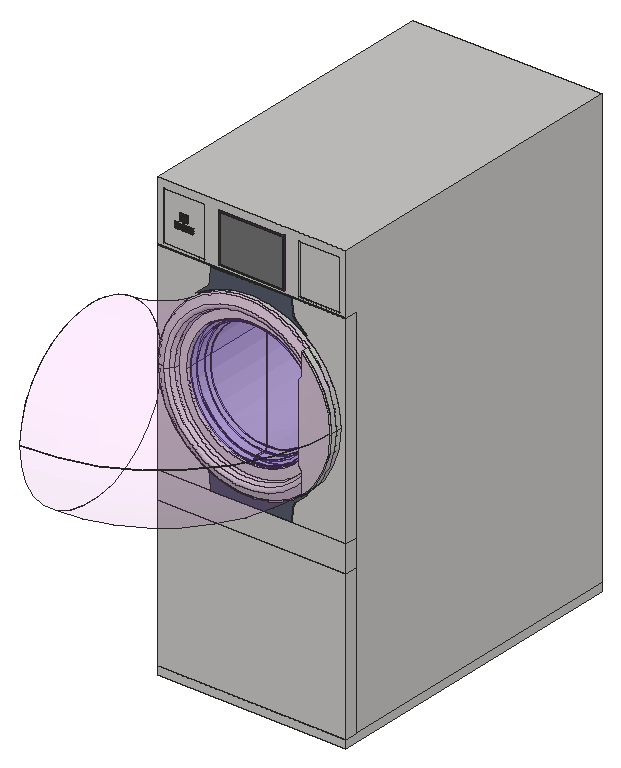
Revit family "QF_ELECTROLUXPROFESSIONAL_1LSNSR_TD6-16_E", category Attrezzature speciali, Revit 2021
Family settings
  Quota connettore circolare = Usa diametro
  Tipo di parte = Normale
  Basato su piano di lavoro = No
  Sempre verticale = Sì
  Taglio con vuoti quando caricato = No
  Condiviso = No
  Punto di calcolo locali = No
Parameters (values of type "9872230024")
  Weight = 189
  Watts = 18800 W
  Volts = 415 V
  URL = "www.electroluxprofessional.com"
  Steam Pounds per Hour = 0
  Show Logo [instance] = yes
  Show Clearance [instance] = yes
  Sensible Heat Output = "0.0"
  Prospetto di default = 0 mm
  Produttore = "Electrolux Professional"
  Phase = 3
  Modello = "TD6-16"
  Length Actual = 715 mm
  Latent Heat Output = "0.0"
  Item Number = "1L0G4G"
  Height Actual = 1690 mm
  Gas KW = 0
  Descrizione = "TUMBLE DRYER TD6-16 16KG/35LB GALVA.DRUM EL 18KW 415/50/3N COMPASS PRO 6G81 SLVR/SLVR DO.RIGHT REV MB DISCON DMPR"
  Depth Actual = 1210 mm
  Cycle = 50 Hz
  Corrente [instance] = "26.5"
Types (27, lengths in mm): name | Watts | Volts | Steam Pounds per Hour | Phase | Item Number | Descrizione | Cycle | Corrente
  (no name) | 18800 W | 415 V | 0 | 3 | "1L0G4G" | "TUMBLE DRYER TD6-16 16KG/35LB GALVA.DRUM EL 18KW 415/50/3N COMPASS PRO 6G81 SLVR/SLVR DO.RIGHT REV MB DISCON DMPR" | 50 Hz | "26.5"
  9872230051 | 18800 W | 480 V | 0 | 3 | "1L0GDH" | "TUMBLE DRYER TD6-16 MARINE 16KG/35LB GALVA.DRUM EL 18KW 480/60/3 COMPASS PRO 6G82 SLVR/SLVR DO.RIGHT REV STOP DISCON..." | 60 Hz | "23.2"
  9872230019 | 18800 W | 440 V | 0 | 3 | "1L0G4B" | "TUMBLE DRYER TD6-16 MARINE 16KG/35LB GALVA.DRUM EL 18KW 440/60/3 COMPASS PRO 6G82 SLVR/SLVR DO.RIGHT REV DISCON DMPR" | 60 Hz | "25.0"
  9872230009 | 18800 W | 400 V | 0 | 3 | "1L0G42" | "TUMBLE DRYER TD6-16 16KG/35LB GALVA.DRUM EL 18KW 400/50/3N COMPASS PRO 6G82 SLVR/SLVR DO.RIGHT REV DISCON DMPR" | 50 Hz | "27.7"
  9872230079 | 14300 W | 415 V | 0 | 3 | "1L0GZ8" | "TUMBLE DRYER TD6-16 16KG/35LB SST DRUM EL 13,5KW 415/50/3N COMPASS PRO 6G82 SLVR/SLVR DO.RIGHT REV STOP DISCON DMPR" | 50 Hz | "20.0"
  9872230046 | 18800 W | 400 V | 0 | 3 | "1LSPDK" | "TUMBLE DRYER TD6-16 16KG/35LB SST DRUM EL 18KW 400/50/3N COMPASS PRO 6G81 SLVR/SLVR DO.RIGHT REV MB STOP DISCON DMPR" | 50 Hz | "27.7"
  9872230003 | 18800 W | 400 V | 0 | 3 | "1L0G36" | "TUMBLE DRYER TD6-16 16KG/35LB GALVA.DRUM EL 18KW 400/50/3N COMPASS PRO 6G82 SLVR/SLVR DO.RIGHT REV STOP DISCON DMPR" | 50 Hz | "27.7"
  9872230033 | 14300 W | 400 V | 0 | 3 | "1L0G4N" | "TUMBLE DRYER TD6-16 16KG/35LB GALVA.DRUM EL 13,5KW 400/50/3N COMPASS PRO 6A81 SLVR/SLVR DO.LEFT REV MB DISCON DMPR" | 50 Hz | "21.1"
  9872230043 | 18800 W | 400 V | 0 | 3 | "1L0GAS" | "TUMBLE DRYER TD6-16 16KG/35LB SST DRUM EL 18KW 400/50/3 COMPASS PRO 6G81 SLVR/SLVR DO.RIGHT REV MB DISCON DMPR" | 50 Hz | "27.7"
  9872230063 | 18800 W | 415 V | 0 | 3 | "1L0GN6" | "TUMBLE DRYER TD6-16 MARINE 16KG/35LB GALVA.DRUM EL 18KW 415/60/3N COMPASS PRO 6G82 SLVR/SLVR DO.LEFT REV STOP DISCON..." | 60 Hz | "26.5"
  9872230020 | 18800 W | 400 V | 0 | 3 | "1L0G4C" | "TUMBLE DRYER TD6-16 16KG/35LB SST DRUM EL 18KW 400/50/3N COMPASS PRO 6L80 2.I/O SLVR/SLVR DO.RIGHT EXT.PM. REV DISCO..." | 50 Hz | "27.7"
  9872230018 | 18800 W | 400 V | 0 | 3 | "1L0G4A" | "TUMBLE DRYER TD6-16 16KG/35LB GALVA.DRUM EL 18KW 400/50/3 COMPASS PRO 6L80 2.I/O SLVR/SLVR DO.RIGHT EXT.PM. REV DISC..." | 50 Hz | "27.7"
  9872230028 | 18800 W | 415 V | 0 | 3 | "1L0G4L" | "TUMBLE DRYER TD6-16 16KG/35LB SST DRUM EL 18KW 415/50/3N COMPASS PRO 6G81 SST/SST DO.RIGHT REV MB STOP DISCON DMPR" | 50 Hz | "26.5"
  9872230058 | 14300 W | 400 V | 0 | 3 | "1LA221" | "TUMBLE DRYER TD6-16 16KG/35LB GALVA.DRUM EL 13,5KW 400/50/3N COMPASS PRO 6G82 SLVR/SLVR DO.RIGHT REV DISCON DMPR" | 50 Hz | "21.1"
  9872230078 | 18800 W | 415 V | 0 | 3 | "1L0GZ7" | "TUMBLE DRYER TD6-16 MARINE 16KG/35LB SST DRUM EL 18KW 415/50/3 COMPASS PRO 6G81 SST/SST DO.RIGHT REV MB STOP DISCON ..." | 50 Hz | "26.5"
  9872230015 | 14300 W | 400 V | 0 | 3 | "1L0G47" | "TUMBLE DRYER TD6-16 16KG/35LB GALVA.DRUM EL 13,5KW 400/50/3N COMPASS PRO 6G81 SLVR/SLVR DO.RIGHT REV MB STOP DISCON ..." | 50 Hz | "21.1"
  9872230005 | 18800 W | 400 V | 0 | 3 | "1L0G38" | "TUMBLE DRYER TD6-16 16KG/35LB SST DRUM EL 18KW 400/50/3 COMPASS PRO 6G82 SLVR/SLVR DO.RIGHT REV DISCON DMPR" | 50 Hz | "27.7"
  9872230092 | 18800 W | 400 V | 0 | 3 | "1L0H5K" | "TUMBLE DRYER TD6-16 16KG/35LB SST DRUM EL 18KW 400/50/3 COMPASS PRO 6G82 SLVR/SLVR DO.RIGHT REV DISCON DMPR" | 50 Hz | "27.7"
  9872230104 | 18800 W | 400 V | 41 | 3 | "1LT6GJ" | "TUMBLE DRYER TD6-16 16KG/35LB SST DRUM EL 18KW 400/50/3N COMPASS PRO 6L85 2.I/O SLVR/SLVR DO.LEFT EXT.PM. REV DISCON..." | 50 Hz | "27.7"
  9872230002 | 18800 W | 400 V | 0 | 3 | "1L0G35" | "TUMBLE DRYER TD6-16 16KG/35LB SST DRUM EL 18KW 400/50/3 COMPASS PRO 6G81 SLVR/SLVR DO.RIGHT REV MB DISCON DMPR" | 50 Hz | "27.7"
  9872230042 | 14300 W | 230 V | 0 | 1 | "1LSP8P" | "TUMBLE DRYER TD6-16 MARINE 16KG/35LB SST DRUM EL 13,5KW 230/60/1 COMPASS PRO 6G82 SLVR/SLVR DO.RIGHT REV DISCON DMPR" | 60 Hz | "62.5"
  9872230017 | 14300 W | 400 V | 0 | 3 | "1L0G49" | "TUMBLE DRYER TD6-16 16KG/35LB GALVA.DRUM EL 13,5KW 400/50/3N COMPASS PRO 6L80 SLVR/SLVR DO.RIGHT REV DISCON DMPR" | 50 Hz | "21.1"
  9872230007 | 18800 W | 400 V | 0 | 3 | "1L0G41" | "TUMBLE DRYER TD6-16 16KG/35LB GALVA.DRUM EL 18KW 400/50/3N COMPASS PRO 6L80 2.I/O SLVR/SLVR DO.RIGHT EXT.PM. REV DIS..." | 50 Hz | "27.7"
  9872230027 | 14300 W | 230 V | 0 | 3 | "1L0G4K" | "TUMBLE DRYER TD6-16 16KG/35LB GALVA.DRUM EL 13,5KW 230/50/3 COMPASS PRO 6G81 SLVR/SLVR DO.RIGHT REV MB STOP DISCON DMPR" | 50 Hz | "36.5"
  9872230067 | 14300 W | 400 V | 0 | 3 | "1LA25A" | "TUMBLE DRYER TD6-16 16KG/35LB GALVA.DRUM EL 13,5KW 400/50/3N COMPASS PRO 6G81 SLVR/SLVR DO.LEFT REV MB STOP DISCON DMPR" | 50 Hz | "21.1"
  9872230014 | 18800 W | 400 V | 0 | 3 | "1L0G46" | "TUMBLE DRYER TD6-16 16KG/35LB GALVA.DRUM EL 18KW 400/50/3N COMPASS PRO 6G81 SLVR/SLVR DO.RIGHT REV MB DISCON DMPR" | 50 Hz | "27.7"
  9872230024 | 18800 W | 415 V | 0 | 3 | "1L0G4G" | "TUMBLE DRYER TD6-16 16KG/35LB GALVA.DRUM EL 18KW 415/50/3N COMPASS PRO 6G81 SLVR/SLVR DO.RIGHT REV MB DISCON DMPR" | 50 Hz | "26.5"
Reference planes
  plane 1: z = 0
  plane 2 "BACK": y = 652.5
  plane 3 "FRONT": y = -707.5
  plane 4 "LEFT": x = -799
  plane 5 "RIGHT": x = -84
  plane 6 "TOP": z = 1690
  plane 7: z = 544
  plane 8: y = 502.5
  plane 9 "Centro (Sinistra/Destra)": x = -441.5
  plane 10 "Center X": y = -102.5
Forms (mm)
  Extrusion 1, solid, material "QF_Finishes_Stainless Steel"
    sketch origin (718.1, -398.1, 598.796) x (0, 0, -1) y (0, 1, 0)
      loop
        line (568.796, 900.6) -> (-860.204, 900.6) -> (-860.204, -265.453) -> (568.796, -265.453) -> (568.796, 900.6)
    from -1517.1 to -802.1
  Sweep 2, solid, material "QF_Finishes_Black"
    path origin (647.309, -705.9, 1603.42) x (0, 0, -1) y (1, 0, 0)
      loop
        line (131.445, -962.809) -> (-57.647, -962.809) -> (-57.647, -1214.809) -> (131.445, -1214.809) -> (131.445, -962.809)
    profile origin (-315.5, -705.9, 1566.521) x (-1, 0, 0) y (0, -1, 0)
      loop
        line (5, 0) -> (5, 5)
        arc (5, 5) -> (1.464, 3.536) -> (0, 0) r 5
        line (0, 0) -> (5, 0)
  Extrusion 3, solid, material "QF_Finishes_Dark Grey"
    sketch origin (647.309, -705.9, 1603.42) x (0, 0, -1) y (1, 0, 0)
      loop
        line (126.445, -1209.809) -> (126.445, -967.809) -> (-52.647, -967.809) -> (-52.647, -1209.809) -> (126.445, -1209.809)
    from 0 to 4
  Extrusion 4, void
    sketch origin (889, -667.06, 1147.91) x (0, 0, -1) y (1, 0, 0)
      loop
        circle (69.994, -1331.5) r 245
    from -451.9 to 89.4
  Extrusion 5, solid, material "QF_Finishes_Stainless Steel"
    sketch origin (758.278, 502.5, 380.233) x (0, 0, 1) y (1, 0, 0)
      loop
        circle (1014.767, -897.278) r 15.184
    from 0 to 5.231
  Extrusion 6, solid, material "QF_Finishes_Stainless Steel"
    sketch origin (618.455, 502.5, 97.018) x (0, 0, 1) y (1, 0, 0)
      loop
        circle (67.982, -1277.455) r 15
    from 0 to 5
  Extrusion 7, solid, material "QF_Finishes_Stainless Steel"
    sketch origin (-499, 0, -81) x (0, 1, 0) y (0, 0, 1)
      loop
        line (502.5, 1540) -> (502.5, 1771) -> (-707.5, 1771) -> (-707.5, 1541.816)
        arc (-707.5, 1541.816) -> (-706.968, 1540.532) -> (-705.684, 1540) r 1.816
        line (-705.684, 1540) -> (502.5, 1540)
    from -300 to 415
  Extrusion 8, solid, material "QF_Finishes_Stainless Steel"
    sketch origin (0, 0, 1114.3) x (-1, 0, 0) y (0, -1, 0)
      loop
        line (799, -502.5) -> (799, 707.5) -> (84, 707.5) -> (84, -502.5) -> (799, -502.5)
    from -1114.3 to -1084.3
  Extrusion 9, solid, material "QF_Finishes_Stainless Steel"
    sketch origin (-499, -268.96, 0) x (0, 1, 0) y (0, 0, 1)
      loop
        line (-394.593, 1459) -> (-438.54, 1459) -> (-438.54, 693.302) -> (-394.593, 693.302) -> (-394.593, 1459)
    from -300 to 415
  Extrusion 10, solid, material "QF_Finishes_Stainless Steel"
    sketch origin (-499, -268.96, -20.198) x (0, 1, 0) y (0, 0, 1)
      loop
        line (-438.54, 713.5) -> (-438.54, 613.5) -> (-394.593, 613.5) -> (-394.593, 713.5) -> (-438.54, 713.5)
    from -300 to 415
  Extrusion 11, solid, material "QF_Finishes_Stainless Steel"
    sketch origin (-499, -268.96, 0) x (0, 1, 0) y (0, 0, 1)
      loop
        line (-394.593, 593.302) -> (-438.54, 593.302) -> (-438.54, 30) -> (-394.593, 30) -> (-394.593, 593.302)
    from -300 to 415
  Sweep 12, solid, material "QF_Finishes_Stainless Steel"
    path origin (-409, -707.5, 1396.139) x (0, 0, -1) y (1, 0, 0)
      loop
        circle (318.576, -33.5) r 337.5
    profile origin (-442.5, -707.5, 1415.062) x (0, 0, -1) y (0, -1, 0)
      loop
        line (0, 0) -> (60.401, 0)
        arc (60.401, 0) -> (59.825, 6.814) -> (57.535, 13.257) r 26.651
        line (57.535, 13.257) -> (49.537, 28.994)
        arc (49.537, 28.994) -> (42.511, 35.32) -> (33.058, 35.302) r 13.156
        line (33.058, 35.302) -> (4.309, 24.168)
        arc (4.309, 24.168) -> (1.18, 21.691) -> (0, 17.88) r 6.744
        line (0, 17.88) -> (0, 0)
  Revolve 13, solid, material "QF_Finishes_Glass"
    sketch origin (-444, -439.313, 506.582) x (0, 1, 0) y (0, 0, 1)
      loop
        arc (-190.673, 783.338) -> (-195.066, 793.945) -> (-205.673, 798.338) r 15
        line (-205.673, 798.338) -> (-244.95, 798.338)
        arc (-244.95, 798.338) -> (-252.021, 801.267) -> (-254.95, 808.338) r 10
        line (-254.95, 808.338) -> (-254.95, 816.338) -> (-259.95, 816.338) -> (-259.95, 808.338)
        arc (-259.95, 808.338) -> (-255.556, 797.732) -> (-244.95, 793.338) r 15
        line (-244.95, 793.338) -> (-205.673, 793.338)
        arc (-205.673, 793.338) -> (-198.602, 790.409) -> (-195.673, 783.338) r 10
        line (-195.673, 783.338) -> (-195.673, 570.975) -> (-190.673, 570.975) -> (-190.673, 783.338)
      axis (-259.95, 570.975) -> (-190.673, 570.975)
    angle from 0 to 360
  Extrusion 14, solid, material "QF_Finishes_Blue"
    sketch origin (-538.526, -707.5, 816.193) x (0, 0, 1) y (-1, 0, 0)
      loop
        arc (594.486, 60.933) -> (579.244, 65.533) -> (566.695, 75.331) r 43.3
        line (566.695, 75.331) -> (532.276, 114.098)
        arc (532.276, 114.098) -> (598.87, -96.026) -> (532.82, -306.322) r 366.295
        line (532.82, -306.322) -> (566.695, -268.167)
        arc (566.695, -268.167) -> (579.244, -258.37) -> (594.486, -253.77) r 43.3
        line (594.486, -253.77) -> (642.075, -248.6) -> (642.075, 55.764) -> (594.486, 60.933)
    from 0 to 1.6
  Extrusion 15, solid, material "QF_Finishes_Blue"
    sketch origin (-538.526, -707.5, 873.783) x (0, 0, 1) y (-1, 0, 0)
      loop
        line (-129.403, 60.926) -> (-176.925, 55.764) -> (-176.925, -248.6) -> (-129.403, -253.763)
        arc (-129.403, -253.763) -> (-114.123, -258.355) -> (-101.544, -268.169) r 43.3
        line (-101.544, -268.169) -> (-67.127, -306.934) -> (-59.705, -306.934)
        arc (-59.705, -306.934) -> (-133.72, -96.528) -> (-60.331, 114.098) r 337.5
        line (-60.331, 114.098) -> (-67.127, 114.098) -> (-101.544, 75.332)
        arc (-101.544, 75.332) -> (-114.123, 65.518) -> (-129.403, 60.926) r 43.3
    from 0 to 1.6
  Extrusion 16, solid, material "QF_Finishes_Stainless Steel"
    sketch origin (-344.419, -707.5, 1396.139) x (0, 0, -1) y (1, 0, 0)
      loop
        line (176.622, 119.08) -> (460.53, 119.08)
        arc (460.53, 119.08) -> (462.936, 119.45) -> (465.119, 120.527) r 8
        line (465.119, 120.527) -> (479.01, 130.253)
        arc (479.01, 130.253) -> (481.193, 131.33) -> (483.599, 131.7) r 8
        line (483.599, 131.7) -> (565.106, 132.416)
        arc (565.106, 132.416) -> (452.97, 211.506) -> (318.617, 239.419) r 337.5
        arc (318.617, 239.419) -> (184.232, 211.528) -> (72.064, 132.435) r 337.5
        line (72.064, 132.435) -> (153.554, 131.7)
        arc (153.554, 131.7) -> (155.934, 131.338) -> (158.099, 130.284) r 8
        line (158.099, 130.284) -> (172.033, 120.527)
        arc (172.033, 120.527) -> (174.216, 119.45) -> (176.622, 119.08) r 8
    from 44.672 to 48.96
  Extrusion 17, solid, material "QF_Finishes_Stainless Steel"
    sketch origin (-344.419, -756.46, 1396.139) x (0, 0, -1) y (1, 0, 0)
      loop
        line (72.064, 132.435) -> (85.942, 132.435)
        arc (85.942, 132.435) -> (192.574, 204.21) -> (318.616, 229.419) r 327.5
        arc (318.616, 229.419) -> (444.627, 204.189) -> (551.229, 132.416) r 327.5
        line (551.229, 132.416) -> (565.106, 132.416)
        arc (565.106, 132.416) -> (452.97, 211.506) -> (318.617, 239.419) r 337.5
        arc (318.617, 239.419) -> (184.232, 211.528) -> (72.064, 132.435) r 337.5
    from -4.287 to -26.937
  Extrusion 18, void
    sketch origin (-499, -707.5, 812.425) x (0, 0, -1) y (-1, 0, 0)
      loop
        line (-848.642, 277.283) -> (-848.642, 122.283) -> (-659.55, 122.283) -> (-659.55, 277.283) -> (-848.642, 277.283)
      loop
        line (-848.642, -392.283) -> (-659.55, -392.283) -> (-659.55, -237.283) -> (-848.642, -237.283) -> (-848.642, -392.283)
    from 0 to 1.6
  Revolve 19, solid, material "QF_Door-Drawer Clearances", visible <- "Show Clearance"
    sketch origin (-1732, -707.5, 1147.557) x (0, 0, -1) y (1, 0, 0)
      loop
        circle (69.994, 1289.5) r 337.5
      axis (69.994, 952) -> (68.994, 952)
    angle from 0 to -90
  Extrusion 20, solid, material "QF_Finishes_Stainless Steel"
    sketch origin (-499, -707.5, 812.425) x (0, 0, 1) y (-1, 0, 0)
      loop
        line (532.575, 150) -> (-167.425, 150) -> (-167.425, -265) -> (532.575, -265) -> (532.575, 150)
    from -1210 to -1360
Cuts and joins
  Extrusion 4, Extrusion 18 cuts Extrusion 1
  Extrusion 4, Extrusion 18 cuts Extrusion 7
  joined: Extrusion 1, Extrusion 7
  Extrusion 4 cuts Extrusion 9
Lines and regions (mm)
  symbolic lines
    curve 1: line (-84, 502.5, 1690) -> (-799, 502.5, 1690)
    curve 2: line (-799, -707.5, 1690) -> (-84, -707.5, 1690)
    curve 3: line (-84, 502.5, 0) -> (-84, -707.5, 0)
    curve 4: line (-799, 502.5, 0) -> (-799, -707.5, 0)
    curve 5: line (-649, 652.5, 0) -> (-649, 502.5, 0)
    curve 6: line (-234, 652.5, 0) -> (-649, 652.5, 0)
    curve 7: line (-234, 502.5, 0) -> (-234, 652.5, 0)
  symbolic lines, style "QF_Door-Drawer Clearances"
    curve 8: line (-780, -1382.19, 0) -> (-780, -707.5, 0)
    curve 9: arc (-780, -1382.19, 0) -> (-302.922, -1184.578, 0) -> (-105.31, -707.5, 0) r 674.69
Dimensions and locks
  plane 4 "LEFT" to plane 5 "RIGHT" = 715 mm  (x2)
  plane 2 "BACK" to plane 3 "FRONT" = 1360 mm  (x3)
  plane 6 "TOP" to level = 1690 mm
  plane 3 "FRONT" to plane 2 "BACK" = 1360 mm
  Extrusion 6 sketch curve to plane 4 "LEFT" = 140 mm
  Extrusion 8 to Extrusion 6 sketch curve = 165 mm
  Extrusion 15 to level = 740.062 mm
  plane 2 "BACK" to plane 8 = 150 mm
  aligned and locked: level to plane 1
  aligned and locked: Extrusion 1 to plane 4 "LEFT"
  aligned and locked: plane 5 "RIGHT" to Extrusion 1
  aligned and locked: plane 5 "RIGHT" to Extrusion 7
  aligned and locked: Extrusion 7 to plane 4 "LEFT"
  aligned and locked: plane 5 "RIGHT" to Extrusion 11
  aligned and locked: Extrusion 11 to plane 4 "LEFT"
  aligned and locked: Extrusion 10 to plane 4 "LEFT"
  aligned and locked: plane 5 "RIGHT" to Extrusion 10
  aligned and locked: Extrusion 9 to plane 4 "LEFT"
  aligned and locked: plane 5 "RIGHT" to Extrusion 9
  aligned and locked: Extrusion 16 to Extrusion 17
Nested families
  nested 1: "ELX_Logo_Professional" at (-698.783, -705.9, 1566.067) x (1, 0, 0) z (0, -1, 0), type "ELX_Logo_Professional"
Connectors
  piping at (-659, 507.5, 165), diameter 30
    settings: on Extrusion 6, index 3, connector inside diameter 609.6 mm, connector length 0 mm, flow factor 0, pipe flow 0.0 L/s, pressure drop 0.0 Pa, fitting loss kfactor 0, connector angle 0.00°, fixture units 0, engagement length 0 mm, angle of deflection 0.00°, flow configuration 1, flow direction 2, fitting loss method 0, system type 8, joint type 0, gender type 0, connector reference index -1, connector utility 0, adjustable connector no, is connector primary yes, connector description "Exhaust Connection"
  electrical at (-139, 507.731, 1395)
    settings: on Extrusion 5, index 4, voltage 0 V, apparent load 0 VA, apparent load phase1 0 VA, apparent load phase2 0 VA, apparent load phase3 0 VA, power factor 1, load classification "Other", number of poles 1, system type 30, power factor state 1, is connector primary yes, connector utility no, sub classification motor no, connector description "Electrical Connection"
Definition of nested family "ELX_Logo_Professional"
  Parameters (values of type "ELX_Logo_Professional")
    materiale = none
    Default Elevation = 0 mm
  Reference planes
    plane 1 "Centro (Fronte/Retro)": y = 0
    plane 2: z = 0
    plane 3 "Centro (Sinistra/Destra)": x = 0
  Forms (mm)
    Extrusion 1, solid
      sketch origin (0, 0, 0) x (1, 0, 0) y (0, 1, 0)
        loop
          line (-1219.2, 1219.2) -> (-1219.2, -1219.2) -> (1219.2, -1219.2) -> (1219.2, 1219.2) -> (-1219.2, 1219.2)
      from 0 to -304.8
    Extrusion 2, solid, material <- "materiale"
      sketch origin (-144.622, -1081.55, 0) x (-1, 0, 0) y (0, -1, 0)
        loop
          line (-130.265, -1113.361) -> (-130.265, -1084.645) -> (-158.979, -1084.645) -> (-158.979, -1113.361) -> (-130.265, -1113.361)
        loop
          arc (-146.24, -1106.937) -> (-147.076, -1109.166) -> (-147.324, -1111.534) r 9.395
          arc (-147.324, -1111.534) -> (-145.139, -1111.806) -> (-142.939, -1111.706) r 13.008
          line (-142.939, -1111.706) -> (-141.329, -1111.382) -> (-139.8, -1110.859) -> (-138.364, -1110.152) -> (-137.035, -1109.277) -> (-135.826, -1108.249) -> (-134.751, -1107.081) -> (-133.821, -1105.789) -> (-133.05, -1104.389) -> (-132.452, -1102.893) -> (-132.039, -1101.318) -> (-131.824, -1099.675) -> (-134.539, -1099.675) -> (-136.155, -1099.784) -> (-137.741, -1100.101) -> (-139.277, -1100.613) -> (-140.74, -1101.304) -> (-142.111, -1102.159) -> (-143.367, -1103.165) -> (-144.488, -1104.306) -> (-145.453, -1105.568) -> (-146.24, -1106.937)
        loop
          line (-148.67, -1086.844) -> (-150.173, -1087.464) -> (-151.57, -1088.253) -> (-152.847, -1089.196) -> (-153.992, -1090.281) -> (-154.994, -1091.494) -> (-155.841, -1092.821) -> (-156.519, -1094.25) -> (-157.018, -1095.766) -> (-157.324, -1097.357) -> (-157.427, -1099.009) -> (-157.315, -1100.685) -> (-156.998, -1102.296) -> (-156.488, -1103.827) -> (-155.799, -1105.265) -> (-154.946, -1106.596) -> (-153.94, -1107.806) -> (-152.796, -1108.882) -> (-151.528, -1109.81) -> (-150.148, -1110.576) -> (-148.67, -1111.167) -> (-148.67, -1086.844)
        loop
          arc (-147.323, -1086.473) -> (-147.041, -1088.83) -> (-146.239, -1091.065) r 10.532
          line (-146.239, -1091.065) -> (-145.452, -1092.432) -> (-144.488, -1093.693) -> (-143.367, -1094.833) -> (-142.111, -1095.838) -> (-140.741, -1096.693) -> (-139.278, -1097.383) -> (-137.743, -1097.894) -> (-136.157, -1098.211) -> (-134.541, -1098.32) -> (-131.822, -1098.32) -> (-131.976, -1096.81) -> (-132.312, -1095.353) -> (-132.818, -1093.961) -> (-133.481, -1092.644) -> (-134.291, -1091.416) -> (-135.235, -1090.288) -> (-136.302, -1089.272) -> (-137.48, -1088.379) -> (-138.757, -1087.622) -> (-140.121, -1087.012) -> (-141.56, -1086.561) -> (-143.063, -1086.281) -> (-144.633, -1086.183)
          arc (-144.633, -1086.183) -> (-145.985, -1086.264) -> (-147.323, -1086.473) r 14.39
        loop
          line (-111.329, -1069.559) -> (-111.329, -1071.073) -> (-116.048, -1071.073) -> (-116.048, -1072.896) -> (-111.328, -1072.896) -> (-111.328, -1075.549) -> (-116.349, -1075.549) -> (-116.349, -1077.368) -> (-109.396, -1077.368) -> (-109.396, -1073.46) -> (-109.396, -1069.659)
          arc (-109.396, -1069.659) -> (-110.425, -1067.175) -> (-112.909, -1066.146) r 3.513
          line (-112.909, -1066.146) -> (-116.483, -1066.146) -> (-116.483, -1067.963) -> (-112.925, -1067.963)
          arc (-112.925, -1067.963) -> (-111.797, -1068.431) -> (-111.329, -1069.559) r 1.596
        loop
          line (-119.79, -1077.358) -> (-117.856, -1077.358) -> (-117.856, -1072.053) -> (-117.856, -1066.132) -> (-119.79, -1066.132) -> (-119.79, -1072.092) -> (-119.79, -1077.358)
        loop
          line (-122.986, -1069.718) -> (-129.327, -1069.718)
          arc (-129.327, -1069.718) -> (-129.219, -1071.449) -> (-128.497, -1073.026) r 4.757
          arc (-128.497, -1073.026) -> (-125.237, -1074.5) -> (-121.978, -1073.026) r 4.34
          arc (-121.978, -1073.026) -> (-121.072, -1070.207) -> (-121.978, -1067.388) r 4.838
          arc (-121.978, -1067.388) -> (-125.393, -1065.933) -> (-128.809, -1067.388) r 4.737
          line (-128.809, -1067.388) -> (-127.645, -1068.52)
          arc (-127.645, -1068.52) -> (-125.509, -1067.576) -> (-123.374, -1068.52) r 2.888
          arc (-123.374, -1068.52) -> (-123.05, -1069.077) -> (-122.986, -1069.718) r 1.527
        loop
          arc (-127.386, -1071.076) -> (-126.67, -1072.331) -> (-125.331, -1072.872) r 2.201
          arc (-125.331, -1072.872) -> (-123.848, -1072.402) -> (-123.033, -1071.076) r 2.23
          line (-123.033, -1071.076) -> (-127.386, -1071.076)
        loop
          line (-136.862, -1071.886) -> (-138.059, -1073.132)
          arc (-138.059, -1073.132) -> (-130.327, -1070.219) -> (-138.059, -1067.306) r 4.415
          line (-138.059, -1067.306) -> (-136.862, -1068.553)
          arc (-136.862, -1068.553) -> (-132.252, -1070.22) -> (-136.862, -1071.886) r 2.606
        loop
          line (-141.192, -1069.673) -> (-141.192, -1072.494) -> (-142.951, -1072.494) -> (-142.951, -1074.25) -> (-141.195, -1074.25) -> (-141.195, -1077.358) -> (-139.262, -1077.358) -> (-139.262, -1073.332) -> (-139.262, -1069.514)
          arc (-139.262, -1069.514) -> (-140.299, -1066.92) -> (-142.98, -1066.132) r 3.196
          line (-142.98, -1066.132) -> (-142.987, -1067.949)
          arc (-142.987, -1067.949) -> (-141.652, -1068.356) -> (-141.192, -1069.673) r 1.542
        loop
          line (-146.494, -1073.042) -> (-146.494, -1074.25) -> (-144.576, -1074.25) -> (-144.576, -1070.271) -> (-144.576, -1066.132) -> (-146.494, -1066.132) -> (-146.494, -1070.401)
          arc (-146.494, -1070.401) -> (-147.446, -1072.228) -> (-149.489, -1072.494) r 2.229
          line (-149.489, -1072.494) -> (-149.489, -1074.362)
          arc (-149.489, -1074.362) -> (-147.761, -1074.226) -> (-146.494, -1073.042) r 2.627
        loop
          line (-159.833, -1072.246) -> (-159.833, -1066.131) -> (-161.767, -1066.131) -> (-161.767, -1072.17) -> (-161.767, -1077.359) -> (-159.833, -1077.359) -> (-159.833, -1072.246)
        loop
          line (-165.194, -1069.514) -> (-165.194, -1074.25) -> (-163.245, -1074.25) -> (-163.245, -1071.898) -> (-163.245, -1069.098)
          arc (-163.245, -1069.098) -> (-166.96, -1065.769) -> (-170.687, -1069.085) r 3.745
          line (-170.687, -1069.085) -> (-170.687, -1071.898) -> (-170.687, -1074.25) -> (-168.739, -1074.25) -> (-168.739, -1069.514)
          arc (-168.739, -1069.514) -> (-166.967, -1067.742) -> (-165.194, -1069.514) r 1.772
        loop
          line (-174.654, -1070.416) -> (-172.975, -1068.078) -> (-171.578, -1066.131) -> (-173.656, -1066.131) -> (-175.717, -1068.999) -> (-177.779, -1066.131) -> (-179.857, -1066.131) -> (-178, -1068.728) -> (-176.781, -1070.433) -> (-178.29, -1072.488) -> (-179.583, -1074.25) -> (-177.473, -1074.25) -> (-175.717, -1071.818) -> (-173.945, -1074.25) -> (-171.852, -1074.25) -> (-173.052, -1072.608) -> (-174.654, -1070.416)
        loop
          circle (-154.223, -1070.188) r 2.508
        loop
          circle (-154.223, -1070.188) r 4.42
        loop
          line (-110.224, -1058.542) -> (-111.194, -1058.542)
          arc (-111.194, -1058.542) -> (-112.217, -1059.95) -> (-110.924, -1061.114) r 1.3
          line (-110.924, -1061.114) -> (-109.424, -1061.114) -> (-109.424, -1057.223) -> (-110.224, -1057.223) -> (-110.224, -1058.542)
        loop
          line (-110.224, -1060.379) -> (-110.224, -1059.293) -> (-111.03, -1059.293)
          arc (-111.03, -1059.293) -> (-111.43, -1059.836) -> (-111.03, -1060.379) r 0.569
          line (-111.03, -1060.379) -> (-110.224, -1060.379)
        loop
          line (-116.302, -1058.564) -> (-117.128, -1058.564) -> (-117.934, -1057.223) -> (-118.841, -1057.223) -> (-117.833, -1058.884)
          arc (-117.833, -1058.884) -> (-118.214, -1060.282) -> (-117.028, -1061.114) r 1.26
          line (-117.028, -1061.114) -> (-115.503, -1061.114) -> (-115.503, -1057.223) -> (-116.302, -1057.223) -> (-116.302, -1058.564)
        loop
          line (-116.302, -1060.379) -> (-116.302, -1059.293) -> (-117.109, -1059.293)
          arc (-117.109, -1059.293) -> (-117.508, -1059.836) -> (-117.109, -1060.379) r 0.569
          line (-117.109, -1060.379) -> (-116.302, -1060.379)
        loop
          line (-128.923, -1057.223) -> (-129.723, -1057.223) -> (-129.723, -1058.714) -> (-131.187, -1058.714) -> (-131.187, -1059.514) -> (-129.723, -1059.514) -> (-129.723, -1060.314) -> (-131.327, -1060.314) -> (-131.327, -1061.114) -> (-128.923, -1061.114) -> (-128.923, -1057.223)
        loop
          arc (-134.628, -1058.469) -> (-134.992, -1057.588) -> (-135.874, -1057.223) r 1.246
          line (-135.874, -1057.223) -> (-137.13, -1057.223) -> (-137.13, -1058.023) -> (-135.969, -1058.023)
          arc (-135.969, -1058.023) -> (-135.53, -1058.237) -> (-135.427, -1058.714) r 0.558
          line (-135.427, -1058.714) -> (-136.984, -1058.714) -> (-136.984, -1059.514) -> (-135.427, -1059.514) -> (-135.427, -1060.314) -> (-137.092, -1060.314) -> (-137.092, -1061.114) -> (-134.628, -1061.114) -> (-134.628, -1058.469)
        loop
          line (-152.3, -1057.223) -> (-153.1, -1057.223) -> (-153.1, -1061.114) -> (-152.3, -1061.114) -> (-152.3, -1057.223)
        loop
          line (-164.67, -1057.223) -> (-164.67, -1059.67) -> (-166.45, -1057.223) -> (-167.25, -1057.223) -> (-167.25, -1061.114) -> (-166.42, -1061.114) -> (-166.42, -1058.594) -> (-164.64, -1061.114) -> (-163.84, -1061.114) -> (-163.84, -1057.223) -> (-164.67, -1057.223)
        loop
          line (-170.403, -1057.223) -> (-171.262, -1057.223) -> (-171.641, -1058.063) -> (-173.08, -1058.063) -> (-173.459, -1057.223) -> (-174.317, -1057.223) -> (-172.796, -1061.113) -> (-171.996, -1061.113) -> (-170.403, -1057.223)
        loop
          line (-177.493, -1057.223) -> (-179.789, -1057.223) -> (-179.789, -1058.023) -> (-178.293, -1058.023) -> (-178.293, -1061.114) -> (-177.493, -1061.114) -> (-177.493, -1057.223)
        loop
          line (-172.362, -1059.848) -> (-171.945, -1058.83) -> (-172.76, -1058.83) -> (-172.362, -1059.848)
        loop
          circle (-158.484, -1059.145) r 1.288
        loop
          circle (-158.484, -1059.145) r 2.065
        loop
          arc (-146.04, -1058.095) -> (-146.933, -1057.275) -> (-148.145, -1057.245) r 1.725
          arc (-148.145, -1057.245) -> (-148.965, -1058.02) -> (-148.68, -1059.111) r 1.107
          arc (-148.68, -1059.111) -> (-148.103, -1059.465) -> (-147.486, -1059.746) r 5.523
          arc (-147.486, -1059.746) -> (-147.147, -1060.262) -> (-147.708, -1060.52) r 0.407
          arc (-147.708, -1060.52) -> (-148.045, -1060.315) -> (-148.325, -1060.038) r 1.702
          line (-148.325, -1060.038) -> (-149.011, -1060.45)
          arc (-149.011, -1060.45) -> (-148.578, -1060.911) -> (-148.043, -1061.247) r 2.463
          arc (-148.043, -1061.247) -> (-146.373, -1060.466) -> (-147.42, -1058.949) r 1.207
          spline (-147.42, -1058.949) -> (-147.716, -1058.809) -> (-147.932, -1058.678) -> (-148.077, -1058.557) -> (-148.163, -1058.446) -> (-148.198, -1058.347) -> (-148.192, -1058.258) -> (-148.157, -1058.182) -> (-148.102, -1058.118) -> (-148.037, -1058.068) -> (-147.972, -1058.031) -> (-147.917, -1058.008) -> (-147.883, -1058)
          arc (-147.883, -1058) -> (-147.238, -1058.014) -> (-146.759, -1058.446) r 0.925
          line (-146.759, -1058.446) -> (-146.04, -1058.095)
        loop
          arc (-140.18, -1058.095) -> (-141.073, -1057.275) -> (-142.285, -1057.245) r 1.725
          arc (-142.285, -1057.245) -> (-143.106, -1058.02) -> (-142.821, -1059.111) r 1.107
          arc (-142.821, -1059.111) -> (-142.243, -1059.465) -> (-141.627, -1059.746) r 5.523
          arc (-141.627, -1059.746) -> (-141.287, -1060.262) -> (-141.849, -1060.52) r 0.407
          arc (-141.849, -1060.52) -> (-142.185, -1060.315) -> (-142.466, -1060.038) r 1.702
          line (-142.466, -1060.038) -> (-143.151, -1060.45)
          arc (-143.151, -1060.45) -> (-142.719, -1060.911) -> (-142.183, -1061.247) r 2.463
          arc (-142.183, -1061.247) -> (-140.513, -1060.466) -> (-141.56, -1058.949) r 1.207
          spline (-141.56, -1058.949) -> (-141.856, -1058.809) -> (-142.072, -1058.678) -> (-142.218, -1058.557) -> (-142.303, -1058.446) -> (-142.338, -1058.347) -> (-142.333, -1058.258) -> (-142.298, -1058.182) -> (-142.242, -1058.118) -> (-142.177, -1058.068) -> (-142.112, -1058.031) -> (-142.057, -1058.008) -> (-142.023, -1058)
          arc (-142.023, -1058) -> (-141.378, -1058.014) -> (-140.9, -1058.446) r 0.925
          line (-140.9, -1058.446) -> (-140.18, -1058.095)
        loop
          circle (-123.484, -1059.145) r 1.288
        loop
          circle (-123.484, -1059.145) r 2.065
      from 0 to 1.6
  Dimensions and locks
    aligned and locked: plane 2 to Extrusion 1
    aligned and locked: level to Extrusion 1
